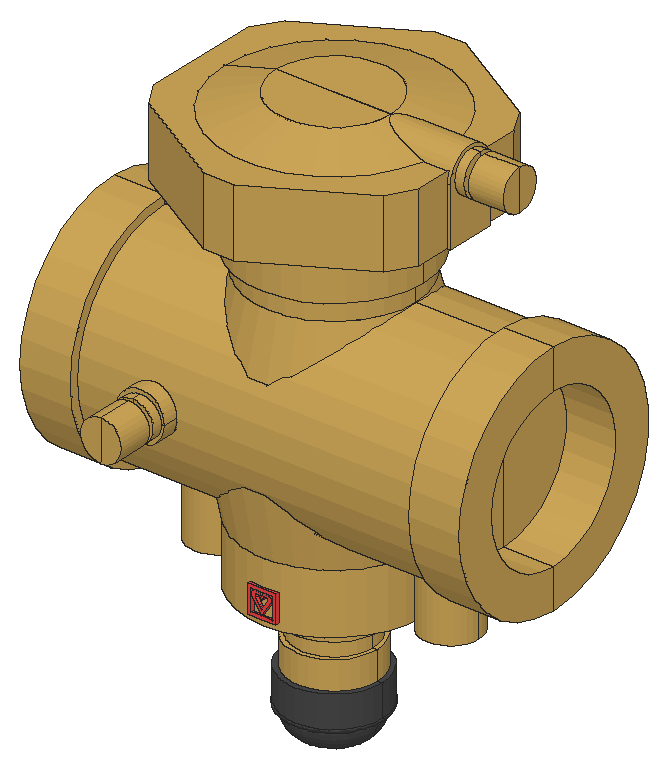
Revit family "Kombiventil 4206_R", category Rohrzubehör, Revit 2018
Family settings
  Bemaßung runder Anschluss = Durchmesser verwenden
  Teiletyp = Unterbricht
  OmniClass-Nummer = 23.65.55.14
  OmniClass-Titel = Valves for Liquid Services
  Arbeitsebenenbasiert = Nein
  Immer vertikal = Ja
  Beim Laden mit Abzugskörper schneiden = Nein
  Gemeinsam genutzt = Nein
Parameters
  min.Betriebstemperatur (Frostschutz) = -20 °C  # constant formula
  max.Betriebstemperatur bis DN32 = 130 °C  # constant formula
  max.Betriebstemperatur ab DN40 = 110 °C  # constant formula
  max.Betriebsdruck = 2500000.0 Pa  # constant formula
  URL = "www.herz-armaturen.at"
  Stift = "Edelstahl 14301"  # constant formula
  SCRNSEQ = "ARM;ARM_TYP=\"DURR\";2"
  SCRNCODE = "05;04;02"  # constant formula
  S03 [instance] = H08 + (S02 / 2)  # 72.750 mm
  S02 [instance] = H09 + 4.700 mm  # 26.500 mm
  S01 [instance] = G01 * 2  # 75.200 mm
  R12 = 3.900 mm  # constant formula
  R11 = 6.500 mm  # constant formula
  R10 = 35.000 mm  # constant formula
  R09 = 18.250 mm  # constant formula
  R08 = 11.300 mm  # constant formula
  R07 [instance] = size_lookup("4206R_", "R7", 17.300 mm, Nennweite)  # 28.500 mm
  R06 [instance] = size_lookup("4206R_", "R6", 19.000 mm, Nennweite)  # 28.000 mm
  R05 = 15.000 mm  # constant formula
  R04 = 12.500 mm  # constant formula
  R02 [instance] = size_lookup("4206R_", "R2", 15.000 mm, Nennweite)  # 26.000 mm
  R01 [instance] = size_lookup("4206R_", "R1", 11.500 mm, Nennweite)  # 35.000 mm
  PN = 25  # constant formula
  O-Ringe = "EPDM"  # constant formula
  Nennweite [instance] = 50.000 mm
  min.Betriebstemperatur (reines Wasser) = 2 °C  # constant formula
  Membrangehäuse = "Messing CW602N"  # constant formula
  Membrane = "EPDM"  # constant formula
  Medium = "Heizungswasserqualität nach ÖNORM H 5195 oder VDI-Richtline 2035.\r\nDie Verwendung von Ethylen- oder\n Propylenglykol in einem Mischungsverhältnis 25 - 50% ist zulässig."
  L06 [instance] = L00 / 2  # 70.000 mm
  L05 = 11.000 mm  # constant formula
  L04 = 1.500 mm  # constant formula
  L03 = 3.200 mm  # constant formula
  L02 = 43.500 mm  # constant formula
  L01 [instance] = size_lookup("4206R_", "L1", 8.000 mm, Nennweite)  # 16.000 mm
  L00 [instance] = size_lookup("4206R_", "L", 66.000 mm, Nennweite)  # 140.000 mm
  Impulsleitung = "Kupfer Cu-DHP (CW024A)"  # constant formula
  Hub = 4.000 mm  # constant formula
  Hersteller = "Herz-Armaturen GmbH"  # constant formula
  H13 [instance] = H02 - H05 - H03 - H04 - 2.000 mm  # 52.200 mm
  H12 = 19.250 mm  # constant formula
  H11 [instance] = size_lookup("4206R_", "H11", 59.000 mm, Nennweite)  # 86.000 mm
  H10 [instance] = H08 + H09  # 81.300 mm
  H09 = 21.800 mm  # constant formula
  H08 [instance] = H01 + H06 + H07  # 59.500 mm
  H07 = 4.000 mm  # constant formula
  H06 [instance] = size_lookup("4206R_", "H6", 10.000 mm, Nennweite)  # 14.000 mm
  H05 = 9.000 mm  # constant formula
  H04 [instance] = size_lookup("4206R_", "H4", 9.600 mm, Nennweite)  # 8.500 mm
  H03 [instance] = size_lookup("4206R_", "H3", 13.000 mm, Nennweite)  # 5.700 mm
  H02 [instance] = size_lookup("4206R_", "H2", 55.300 mm, Nennweite)  # 77.400 mm
  H01 [instance] = size_lookup("4206R_", "H1", 18.500 mm, Nennweite)  # 41.500 mm
  Gehäuse = "DZR Messing CC770S"  # constant formula
  G03 [instance] = Nennweite / 2  # 25.000 mm
  G02 [instance] = size_lookup("4206R_", "G2", 13.900 mm, Nennweite)  # 13.900 mm
  G01 [instance] = size_lookup("4206R_", "G1", 13.200 mm, Nennweite)  # 37.600 mm
  Druckfeder = "Federstahl"  # constant formula
  DN50 [instance] = Nennweite = 50.000 mm  # yes
  DN40 [instance] = Nennweite = 40.000 mm  # no
  DN32 [instance] = Nennweite = 32.000 mm  # no
  DN25 [instance] = Nennweite = 25.000 mm  # no
  DN20 [instance] = Nennweite = 20.000 mm  # no
  DN15 [instance] = Nennweite = 15.000 mm  # no
  Bestellnummer [instance] = size_lookup("4206R_", "Artnr", 0, Nennweite)  # 1420646
  Bauschutzkappe = "Kunststoff"  # constant formula
  Anwendungsgebiet = "Das Kombiventil wird in allen pumpenbetriebenen Heiz- und Kühlanlagen eingesetzt. Der Regler begrenzt automatisch\r\nden Volumenstrom im gewählten Anlagenteil auf den einmal eingestellten Wert, indem alle Druckschwankungen\r\ngemessen und ausgeregelt werden. Somit sind keine Messungen erforderlich und die Regelung ist bei allen\r\nBetriebsbedingungen effektiv. Das Kombiventil regelt den Volumenstrom der ventileigenen Voreinstellung auf einen\r\nkonstanten Wert; die Membran regelt aufgrund des Druckes unmittelbar nach dem Regeleinsatz, sowie des Druckes\r\ndavor."
Reference planes
  plane 1 "Mitte (Vorne/hinten)": y = 0
  plane 2: z = 0
  plane 3 "Mitte (Links/rechts)": x = 0
Forms (mm)
  Revolve 1, solid, material "Messing, weicher Gelbton, geschweißt", detail levels fine
    sketch origin (0, 0, 0) x (1, 0, 0) y (0, 0, 1)
      loop
        line (-54, 0) -> (54, 0) -> (54, 25) -> (70, 25) -> (70, 37.6) -> (54, 37.6) -> (54, 35) -> (-54, 35) -> (-54, 37.6) -> (-70, 37.6) -> (-70, 25) -> (-54, 25) -> (-54, 0)
      axis (-70, 0) -> (70, 0)
    angle from 0 to 360
  Revolve 2, solid, material "Messing, weicher Gelbton, geschweißt", detail levels fine
    sketch origin (0, 0, 0) x (1, 0, 0) y (0, 0, 1)
      loop
        line (0, -77.4) -> (0, 41.5) -> (-26, 41.5) -> (-26, 35) -> (-35, 0) -> (-28, -35) -> (-28, -54.2) -> (-15, -54.2) -> (-15, -62.7) -> (-12.5, -62.7) -> (-12.5, -68.4) -> (-13.9, -68.4) -> (-13.9, -77.4) -> (0, -77.4)
      axis (0, 41.5) -> (0, -77.4)
    angle from 0 to 360
  Revolve 3, solid, material "Messing, weicher Gelbton, geschweißt", detail levels fine
    sketch origin (0, 0, 0) x (1, 0, 0) y (0, 0, 1)
      loop
        line (0, 41.5) -> (0, 59.5) -> (-11.3, 59.5) -> (-11.3, 55.5) -> (-28.5, 55.5) -> (-28.5, 41.5) -> (0, 41.5)
      axis (0, 59.5) -> (0, 41.5)
    angle from 0 to 360
  Extrusion 4, solid, material "Messing, weicher Gelbton, geschweißt", detail levels fine
    sketch origin (0, 0, 0) x (0, -1, 0) y (1, 0, 0)
      loop
        line (-46, -4.75) -> (-27.114, -37.462) -> (-18.886, -42.212) -> (18.886, -42.212) -> (27.114, -37.462) -> (46, -4.75) -> (46, 4.75) -> (27.114, 37.462) -> (18.886, 42.212) -> (-18.886, 42.212) -> (-27.114, 37.462) -> (-46, 4.75) -> (-46, -4.75)
    from 59.5 to 81.3
  Revolve 5, solid, material "Messing, weicher Gelbton, geschweißt", detail levels fine
    sketch origin (0, 0, 0) x (1, 0, 0) y (0, 0, 1)
      loop
        line (0, 81.3) -> (0, 86) -> (-18.25, 86) -> (-35, 81.3) -> (0, 81.3)
      axis (0, 86) -> (0, 81.3)
    angle from 0 to 360
  Extrusion 6, solid, material "Messing, weicher Gelbton, geschweißt", detail levels fine
    sketch origin (0, 0, 0) x (0, 1, 0) y (0, 0, 1)
      loop
        arc (7.85, 78.15) -> (0, 86) -> (-7.85, 78.15) r 7.85
        line (-7.85, 78.15) -> (-7.85, 59.5) -> (7.85, 59.5) -> (7.85, 78.15)
    from 0 to 43.5
  Revolve 7, solid, material "Messing, weicher Gelbton, geschweißt", detail levels fine
    sketch origin (0, 0, 0) x (1, 0, 0) y (0, 0, 1)
      loop
        line (43.5, 78.75) -> (59.2, 78.75) -> (59.2, 85.25) -> (48.2, 85.25) -> (48.2, 82.65) -> (46.7, 82.65) -> (46.7, 85.25) -> (43.5, 85.25) -> (43.5, 78.75)
      axis (43.5, 78.75) -> (59.2, 78.75)
    angle from 0 to 360
  Revolve 8, solid, material "Messing, weicher Gelbton, geschweißt", visible <- "DN15", detail levels fine
    sketch origin (0, 0, 0) x (1, 0, 0) y (0, 1, 0)
      loop
        line (-12.5, 24) -> (-20.2, 24) -> (-20.2, 0) -> (-21.5, 0) -> (-21.5, -27) -> (-12.5, -27) -> (-12.5, 24)
      axis (-12.5, 24) -> (-12.5, -27)
    angle from 0 to 360
  Revolve 9, solid, material "Messing, weicher Gelbton, geschweißt", visible <- "DN15", detail levels fine
    sketch origin (-12.5, 0, 0) x (0, 1, 0) y (0, 0, 1)
      loop
        line (24, 0) -> (39.7, 0) -> (39.7, 6.5) -> (28.7, 6.5) -> (28.7, 3.9) -> (27.2, 3.9) -> (27.2, 6.5) -> (24, 6.5) -> (24, 0)
      axis (24, 0) -> (39.7, 0)
    angle from 0 to 360
  Revolve 10, solid, material "Messing, weicher Gelbton, geschweißt", visible <- "DN15", detail levels fine
    sketch origin (0, 0, 0) x (1, 0, 0) y (0, 1, 0)
      loop
        line (12.5, 0) -> (12.5, -27) -> (21.6, -27) -> (21.6, 0) -> (12.5, 0)
      axis (12.5, 0) -> (12.5, -27)
    angle from 0 to 360
  Revolve 11, solid, material "Messing, weicher Gelbton, geschweißt", visible <- "DN20", detail levels fine
    sketch origin (-2, 0, 0) x (1, 0, 0) y (0, 1, 0)
      loop
        line (-12.5, 27) -> (-20.2, 27) -> (-20.2, 0) -> (-21.5, 0) -> (-21.5, -29) -> (-12.5, -29) -> (-12.5, 27)
      axis (-12.5, 27) -> (-12.5, -29)
    angle from 0 to 360
  Revolve 12, solid, material "Messing, weicher Gelbton, geschweißt", visible <- "DN20", detail levels fine
    sketch origin (2, 0, 0) x (1, 0, 0) y (0, 1, 0)
      loop
        line (12.5, 0) -> (12.5, -29) -> (21.6, -29) -> (21.6, 0) -> (12.5, 0)
      axis (12.5, 0) -> (12.5, -29)
    angle from 0 to 360
  Revolve 13, solid, material "Messing, weicher Gelbton, geschweißt", visible <- "DN20", detail levels fine
    sketch origin (-14.5, 3, 0) x (0, 1, 0) y (0, 0, 1)
      loop
        line (24, 0) -> (39.7, 0) -> (39.7, 6.5) -> (28.7, 6.5) -> (28.7, 3.9) -> (27.2, 3.9) -> (27.2, 6.5) -> (24, 6.5) -> (24, 0)
      axis (24, 0) -> (39.7, 0)
    angle from 0 to 360
  Revolve 14, solid, material "Messing, weicher Gelbton, geschweißt", visible <- "DN25", detail levels fine
    sketch origin (-2.1, 0, 0) x (1, 0, 0) y (0, 1, 0)
      loop
        line (-12.5, 27) -> (-20.2, 27) -> (-20.2, 0) -> (-21.5, 0) -> (-21.5, -29) -> (-12.5, -29) -> (-12.5, 27)
      axis (-12.5, 27) -> (-12.5, -29)
    angle from 0 to 360
  Revolve 15, solid, material "Messing, weicher Gelbton, geschweißt", visible <- "DN25", detail levels fine
    sketch origin (-14.6, 3, 0) x (0, 1, 0) y (0, 0, 1)
      loop
        line (24, 0) -> (39.7, 0) -> (39.7, 6.5) -> (28.7, 6.5) -> (28.7, 3.9) -> (27.2, 3.9) -> (27.2, 6.5) -> (24, 6.5) -> (24, 0)
      axis (24, 0) -> (39.7, 0)
    angle from 0 to 360
  Revolve 16, solid, material "Messing, weicher Gelbton, geschweißt", visible <- "DN25", detail levels fine
    sketch origin (2.1, 0, 0) x (1, 0, 0) y (0, 1, 0)
      loop
        line (12.5, 0) -> (12.5, -29) -> (21.6, -29) -> (21.6, 0) -> (12.5, 0)
      axis (12.5, 0) -> (12.5, -29)
    angle from 0 to 360
  Revolve 17, solid, material "Messing, weicher Gelbton, geschweißt", visible <- "DN32", detail levels fine
    sketch origin (0, 0, 0.637) x (1, 0, 0) y (0, 0, 1)
      loop
        line (-31.5, -0.637) -> (-40.5, -0.637) -> (-40.5, -43.437) -> (-31.5, -43.437) -> (-31.5, -0.637)
      axis (-31.5, -43.437) -> (-31.5, -0.637)
    angle from 0 to 360
  Revolve 18, solid, material "Messing, weicher Gelbton, geschweißt", visible <- "DN32", detail levels fine
    sketch origin (0, 0, 0.637) x (-1, 0, 0) y (0, 0, 1)
      loop
        line (-31.5, -0.637) -> (-40.5, -0.637) -> (-40.5, -43.437) -> (-31.5, -43.437) -> (-31.5, -0.637)
      axis (-31.5, -43.437) -> (-31.5, -0.637)
    angle from 0 to 360
  Revolve 19, solid, material "Messing, weicher Gelbton, geschweißt", visible <- "DN40", detail levels fine
    sketch origin (0, 0, 0) x (1, 0, 0) y (0, 0, 1)
      loop
        line (-37, 0) -> (-46, 0) -> (-46, -54.2) -> (-37, -54.2) -> (-37, 0)
      axis (-37, 0) -> (-37, -54.2)
    angle from 0 to 360
  Revolve 20, solid, material "Messing, weicher Gelbton, geschweißt", visible <- "DN40", detail levels fine
    sketch origin (0, 0, 0) x (-1, 0, 0) y (0, 0, 1)
      loop
        line (-37, 0) -> (-46, 0) -> (-46, -54.2) -> (-37, -54.2) -> (-37, 0)
      axis (-37, 0) -> (-37, -54.2)
    angle from 0 to 360
  Revolve 21, solid, material "Messing, weicher Gelbton, geschweißt", visible <- "DN50", detail levels fine
    sketch origin (-0.1, 0, 0) x (1, 0, 0) y (0, 0, 1)
      loop
        line (-37, 0) -> (-46, 0) -> (-46, -54.2) -> (-37, -54.2) -> (-37, 0)
      axis (-37, 0) -> (-37, -54.2)
    angle from 0 to 360
  Revolve 22, solid, material "Messing, weicher Gelbton, geschweißt", visible <- "DN50", detail levels fine
    sketch origin (0.1, 0, 0) x (-1, 0, 0) y (0, 0, 1)
      loop
        line (-37, 0) -> (-46, 0) -> (-46, -54.2) -> (-37, -54.2) -> (-37, 0)
      axis (-37, 0) -> (-37, -54.2)
    angle from 0 to 360
  Revolve 23, solid, material "Messing, weicher Gelbton, geschweißt", visible <- "DN32", detail levels fine
    sketch origin (-9.5, 0, 0) x (1, 0, 0) y (0, 1, 0)
      loop
        line (-12.5, -31) -> (-12.5, 0) -> (-20.2, 0) -> (-20.2, -31) -> (-12.5, -31)
      axis (-12.5, 0) -> (-12.5, -31)
    angle from 0 to 360
  Revolve 24, solid, material "Messing, weicher Gelbton, geschweißt", visible <- "DN32", detail levels fine
    sketch origin (-22, -7, 0) x (0, -1, 0) y (0, 0, -1)
      loop
        line (24, 0) -> (24, -6.5) -> (27.2, -6.5) -> (27.2, -3.9) -> (28.7, -3.9) -> (28.7, -6.5) -> (39.7, -6.5) -> (39.7, 0) -> (24, 0)
      axis (24, 0) -> (39.7, 0)
    angle from 0 to 360
  Revolve 25, solid, material "Messing, weicher Gelbton, geschweißt", visible <- "DN40", detail levels fine
    sketch origin (-17.5, 0, 0) x (1, 0, 0) y (0, 1, 0)
      loop
        line (-12.5, -39.5) -> (-12.5, 0) -> (-20.2, 0) -> (-20.2, -39.5) -> (-12.5, -39.5)
      axis (-12.5, 0) -> (-12.5, -39.5)
    angle from 0 to 360
  Revolve 26, solid, material "Messing, weicher Gelbton, geschweißt", visible <- "DN40", detail levels fine
    sketch origin (-30, -15.5, 0) x (0, -1, 0) y (0, 0, -1)
      loop
        line (24, 0) -> (24, -6.5) -> (27.2, -6.5) -> (27.2, -3.9) -> (28.7, -3.9) -> (28.7, -6.5) -> (39.7, -6.5) -> (39.7, 0) -> (24, 0)
      axis (24, 0) -> (39.7, 0)
    angle from 0 to 360
  Revolve 27, solid, material "Messing, weicher Gelbton, geschweißt", visible <- "DN50", detail levels fine
    sketch origin (-17.6, 0, 0) x (1, 0, 0) y (0, 1, 0)
      loop
        line (-12.5, -39.5) -> (-12.5, 0) -> (-20.2, 0) -> (-20.2, -39.5) -> (-12.5, -39.5)
      axis (-12.5, 0) -> (-12.5, -39.5)
    angle from 0 to 360
  Revolve 28, solid, material "Messing, weicher Gelbton, geschweißt", visible <- "DN50", detail levels fine
    sketch origin (-30.1, -15.5, 0) x (0, -1, 0) y (0, 0, -1)
      loop
        line (24, 0) -> (24, -6.5) -> (27.2, -6.5) -> (27.2, -3.9) -> (28.7, -3.9) -> (28.7, -6.5) -> (39.7, -6.5) -> (39.7, 0) -> (24, 0)
      axis (24, 0) -> (39.7, 0)
    angle from 0 to 360
Lines and regions (mm)
  model lines, detail levels coarse+medium
    curve 1: line (-70, 0, 37.6) -> (-70, 0, -37.6)
    curve 2: line (-70, 0, -37.6) -> (70, 0, 37.6)
    curve 3: line (70, 0, 37.6) -> (70, 0, -37.6)
    curve 4: line (70, 0, -37.6) -> (-70, 0, 37.6)
    curve 5: line (0, 0, 41.5) -> (0, 0, 59.5)
    curve 6: spline (-43.5, 0, 72.75) -> (-42.018, 0, 76.179) -> (-37.672, 0, 79.375) -> (-30.759, 0, 82.119) -> (-21.75, 0, 84.225) -> (-11.259, 0, 85.549) -> (0, 0, 86) -> (11.259, 0, 85.549) -> (21.75, 0, 84.225) -> (30.759, 0, 82.119) -> (37.672, 0, 79.375) -> (42.018, 0, 76.179) -> (43.5, 0, 72.75) -> (42.018, 0, 69.321) -> (37.672, 0, 66.125) -> (30.759, 0, 63.381) -> (21.75, 0, 61.275) -> (11.259, 0, 59.951) -> (0, 0, 59.5) -> (-11.259, 0, 59.951) -> (-21.75, 0, 61.275) -> (-30.759, 0, 63.381) -> (-37.672, 0, 66.125) -> (-42.018, 0, 69.321) -> (-43.5, 0, 72.75)
    curve 7: line (-70, 37.6, 0) -> (-70, -37.6, 0)
    curve 8: line (-70, -37.6, 0) -> (70, 37.6, 0)
    curve 9: line (70, 37.6, 0) -> (70, -37.6, 0)
    curve 10: line (70, -37.6, 0) -> (-70, 37.6, 0)
    curve 11: line (0, -41.5, 0) -> (0, -59.5, 0)
    curve 12: spline (-43.5, -72.75, 0) -> (-42.018, -69.321, 0) -> (-37.672, -66.125, 0) -> (-30.759, -63.381, 0) -> (-21.75, -61.275, 0) -> (-11.259, -59.951, 0) -> (0, -59.5, 0) -> (11.259, -59.951, 0) -> (21.75, -61.275, 0) -> (30.759, -63.381, 0) -> (37.672, -66.125, 0) -> (42.018, -69.321, 0) -> (43.5, -72.75, 0) -> (42.018, -76.179, 0) -> (37.672, -79.375, 0) -> (30.759, -82.119, 0) -> (21.75, -84.225, 0) -> (11.259, -85.549, 0) -> (0, -86, 0) -> (-11.259, -85.549, 0) -> (-21.75, -84.225, 0) -> (-30.759, -82.119, 0) -> (-37.672, -79.375, 0) -> (-42.018, -76.179, 0) -> (-43.5, -72.75, 0)
    curve 13: line (0, 0, 41.5) -> (-35, 0, 18.8)
    curve 14: line (0, 0, 41.5) -> (35, 0, 18.8)
    curve 15: line (0, -41.5, 0) -> (-35, -18.8, 0)
    curve 16: line (0, -41.5, 0) -> (35, -18.8, 0)
Dimensions and locks
  equal spacing: Revolve 1 sketch curve, plane 3 "Mitte (Links/rechts)", Revolve 1 sketch curve
  "L00": Revolve 1 sketch curve to Revolve 1 sketch curve
  "G01": Revolve 1 sketch curve to Revolve 1 sketch curve  (x2)
  "R01": Revolve 1 sketch curve to Revolve 1 sketch curve
  "L01": Revolve 1 sketch curve to Revolve 1 sketch curve  (x4)
  "H01": Revolve 2 sketch curve to plane 2
  "R01": Revolve 2 sketch curve to plane 2
  "R02": Revolve 2 sketch curve to Revolve 2 sketch curve
  "R01": Revolve 2 sketch curve to Revolve 2 sketch curve
  "H02": plane 2 to Revolve 2 sketch curve
  "G02": plane 3 "Mitte (Links/rechts)" to Revolve 2 sketch curve
  "H05": Revolve 2 sketch curve to Revolve 2 sketch curve
  "R04": Revolve 2 sketch curve to Revolve 2 sketch curve
  "R05": Revolve 2 sketch curve to Revolve 2 sketch curve
  "R06": Revolve 2 sketch curve to Revolve 2 sketch curve
  "R01": plane 2 to Revolve 2 sketch curve
  "H03": Revolve 2 sketch curve to Revolve 2 sketch curve
  "H04": Revolve 2 sketch curve to Revolve 2 sketch curve
  "H01": Revolve 3 sketch curve to plane 2
  "H06": Revolve 3 sketch curve to Revolve 3 sketch curve
  "R07": Revolve 3 sketch curve to Revolve 3 sketch curve
  "H07": Revolve 3 sketch curve to Revolve 3 sketch curve
  "R08": Revolve 3 sketch curve to Revolve 3 sketch curve
  "H08": Extrusion 4 to plane 2
  "H09": Extrusion 4 to Extrusion 4
  "H10": Revolve 5 sketch curve to plane 2
  "H11": Revolve 5 sketch curve to plane 2
  "R09": Revolve 5 sketch curve to Revolve 5 sketch curve
  "R10": Revolve 5 sketch curve to Revolve 5 sketch curve
  "L02": Extrusion 6 to plane 3 "Mitte (Links/rechts)"
  "H08": Extrusion 6 to plane 2
  "H12": Revolve 7 sketch curve to Extrusion 4
  "R11": Revolve 7 sketch curve to Revolve 7 sketch curve  (x2)
  "L03": Revolve 7 sketch curve to Revolve 7 sketch curve
  "L04": Revolve 7 sketch curve to Revolve 7 sketch curve
  "L05": Revolve 7 sketch curve to Revolve 7 sketch curve
  "R12": Revolve 7 sketch curve to Revolve 7 sketch curve
  "R11": Revolve 9 sketch curve to Revolve 9 sketch curve  (x2)
  "L03": Revolve 9 sketch curve to Revolve 9 sketch curve
  "L04": Revolve 9 sketch curve to Revolve 9 sketch curve
  "L05": Revolve 9 sketch curve to Revolve 9 sketch curve
  "R12": Revolve 9 sketch curve to Revolve 9 sketch curve
  "R06": plane 1 "Mitte (Vorne/hinten)" to nested 1
  Revolve 11 sketch curve to plane 1 "Mitte (Vorne/hinten)" = 29.000 mm
  plane 1 "Mitte (Vorne/hinten)" to Revolve 11 sketch curve = 27.000 mm
  Revolve 12 sketch curve to plane 1 "Mitte (Vorne/hinten)" = 29.000 mm
  "R11": Revolve 13 sketch curve to Revolve 13 sketch curve  (x2)
  "L03": Revolve 13 sketch curve to Revolve 13 sketch curve
  "L04": Revolve 13 sketch curve to Revolve 13 sketch curve
  "L05": Revolve 13 sketch curve to Revolve 13 sketch curve
  "R12": Revolve 13 sketch curve to Revolve 13 sketch curve
  "H13": plane 2 to nested 1
  "R11": Revolve 15 sketch curve to Revolve 15 sketch curve  (x2)
  "L03": Revolve 15 sketch curve to Revolve 15 sketch curve
  "L04": Revolve 15 sketch curve to Revolve 15 sketch curve
  "L05": Revolve 15 sketch curve to Revolve 15 sketch curve
  "R12": Revolve 15 sketch curve to Revolve 15 sketch curve
  plane 3 "Mitte (Links/rechts)" to Revolve 17 sketch curve = 31.500 mm
  Revolve 17 sketch curve to Revolve 17 sketch curve = 9.000 mm
  plane 2 to Revolve 17 sketch curve = 42.800 mm
  Revolve 18 sketch curve to Revolve 18 sketch curve = 9.000 mm
  "H02": plane 2 to nested 2
  "G03": Revolve 1 sketch curve to plane 2  (x2)
  "S01": curve 4 to curve 2
  equal spacing: curve 4, plane 2, curve 2
  equal spacing: curve 3, plane 2, curve 4
  "S01": curve 3 to curve 4
  equal spacing: curve 1, plane 3 "Mitte (Links/rechts)", curve 3
  "L00": curve 1 to curve 3
  "H08": curve 5 to plane 2
  "S02": curve 6 to curve 6
  "L02": curve 6 to plane 3 "Mitte (Links/rechts)" to curve 6
  "S03": curve 6 to plane 2
  equal spacing: curve 7, plane 3 "Mitte (Links/rechts)", curve 9
  "L00": curve 7 to curve 9
  equal spacing: curve 8, plane 1 "Mitte (Vorne/hinten)", curve 10
  "S01": curve 10 to curve 8
  equal spacing: curve 10, plane 1 "Mitte (Vorne/hinten)", curve 9
  "S01": curve 9 to curve 10
  "H08": curve 11 to plane 1 "Mitte (Vorne/hinten)"
  "S02": curve 12 to curve 12
  "L02": curve 12 to plane 3 "Mitte (Links/rechts)" to curve 12
  "S03": curve 12 to plane 1 "Mitte (Vorne/hinten)"
  equal spacing: plane 3 "Mitte (Links/rechts)", curve 13, curve 4
  equal spacing: curve 3, curve 14, plane 3 "Mitte (Links/rechts)"
  "H01": curve 14 to plane 2
  equal spacing: plane 3 "Mitte (Links/rechts)", curve 15, curve 8
  equal spacing: curve 10, curve 16, plane 3 "Mitte (Links/rechts)"
  "H01": curve 16 to plane 1 "Mitte (Vorne/hinten)"
  "R11": Revolve 24 sketch curve to Revolve 24 sketch curve  (x2)
  "L03": Revolve 24 sketch curve to Revolve 24 sketch curve
  "L04": Revolve 24 sketch curve to Revolve 24 sketch curve
  "L05": Revolve 24 sketch curve to Revolve 24 sketch curve
  "R12": Revolve 24 sketch curve to Revolve 24 sketch curve
  Revolve 23 sketch curve to Revolve 23 sketch curve = 31.000 mm
  "R11": Revolve 26 sketch curve to Revolve 26 sketch curve  (x2)
  "L03": Revolve 26 sketch curve to Revolve 26 sketch curve
  "L04": Revolve 26 sketch curve to Revolve 26 sketch curve
  "L05": Revolve 26 sketch curve to Revolve 26 sketch curve
  "R12": Revolve 26 sketch curve to Revolve 26 sketch curve
  Revolve 25 sketch curve to Revolve 25 sketch curve = 39.500 mm
  "R11": Revolve 28 sketch curve to Revolve 28 sketch curve  (x2)
  "L03": Revolve 28 sketch curve to Revolve 28 sketch curve
  "L04": Revolve 28 sketch curve to Revolve 28 sketch curve
  "L05": Revolve 28 sketch curve to Revolve 28 sketch curve
  "R12": Revolve 28 sketch curve to Revolve 28 sketch curve
  Revolve 27 sketch curve to Revolve 27 sketch curve = 39.500 mm
  aligned and locked: level to plane 2
Automatic sketch dimensions
  plane 3 "Mitte (Links/rechts)" to Extrusion 4 sketch curve = 4.750 mm  (x2)
  Extrusion 4 sketch curve to plane 1 "Mitte (Vorne/hinten)" = 46.000 mm
  Extrusion 4 sketch curve to plane 1 "Mitte (Vorne/hinten)" = 27.114 mm  (x2)
  Extrusion 4 sketch curve to Extrusion 4 sketch curve = 8.227 mm  (x4)
  plane 1 "Mitte (Vorne/hinten)" to Extrusion 4 sketch curve = 18.886 mm  (x2)
  Extrusion 4 sketch curve to Extrusion 4 sketch curve = 18.886 mm
  Extrusion 4 sketch curve to plane 3 "Mitte (Links/rechts)" = 4.750 mm  (x2)
  Extrusion 4 sketch curve to plane 3 "Mitte (Links/rechts)" = 37.462 mm  (x2)
  Extrusion 4 sketch curve to Extrusion 4 sketch curve = 4.750 mm  (x2)
  plane 3 "Mitte (Links/rechts)" to Extrusion 4 sketch curve = 37.462 mm  (x2)
  Extrusion 6 sketch curve to plane 1 "Mitte (Vorne/hinten)" = 0.000 mm
  plane 1 "Mitte (Vorne/hinten)" to Extrusion 6 sketch curve = 7.850 mm
  level to Extrusion 6 sketch curve = 59.500 mm
  Extrusion 6 sketch curve to Extrusion 6 sketch curve = 18.650 mm
  Extrusion 6 sketch curve to Extrusion 6 sketch curve = 0.000 mm
  plane 1 "Mitte (Vorne/hinten)" to Revolve 8 sketch curve = 0.000 mm
  Revolve 8 sketch curve to plane 3 "Mitte (Links/rechts)" = 21.500 mm
  Revolve 8 sketch curve to plane 3 "Mitte (Links/rechts)" = 20.200 mm
  Revolve 8 sketch curve to Revolve 8 sketch curve = 7.700 mm
  plane 1 "Mitte (Vorne/hinten)" to Revolve 8 sketch curve = 27.000 mm
  Revolve 8 sketch curve to plane 1 "Mitte (Vorne/hinten)" = 24.000 mm
  Revolve 8 sketch curve to Revolve 8 sketch curve = 0.000 mm  (x3)
  plane 1 "Mitte (Vorne/hinten)" to Revolve 10 sketch curve = 0.000 mm  (x2)
  plane 3 "Mitte (Links/rechts)" to Revolve 10 sketch curve = 12.500 mm
  Revolve 10 sketch curve to Revolve 10 sketch curve = 9.100 mm
  plane 1 "Mitte (Vorne/hinten)" to Revolve 10 sketch curve = 27.000 mm
  Revolve 10 sketch curve to Revolve 10 sketch curve = 0.000 mm  (x2)
  plane 1 "Mitte (Vorne/hinten)" to Revolve 11 sketch curve = 0.000 mm
  Revolve 11 sketch curve to plane 3 "Mitte (Links/rechts)" = 23.500 mm
  Revolve 11 sketch curve to plane 3 "Mitte (Links/rechts)" = 22.200 mm
  Revolve 11 sketch curve to Revolve 11 sketch curve = 7.700 mm
  Revolve 11 sketch curve to Revolve 11 sketch curve = 0.000 mm
  Revolve 11 sketch curve to Revolve 11 sketch curve = 2.000 mm
  Revolve 11 sketch curve to Revolve 11 sketch curve = 3.000 mm
  plane 1 "Mitte (Vorne/hinten)" to Revolve 12 sketch curve = 0.000 mm  (x2)
  plane 3 "Mitte (Links/rechts)" to Revolve 12 sketch curve = 14.500 mm
  Revolve 12 sketch curve to Revolve 12 sketch curve = 9.100 mm
  Revolve 12 sketch curve to Revolve 12 sketch curve = 0.000 mm
  Revolve 12 sketch curve to Revolve 12 sketch curve = 2.000 mm
  plane 1 "Mitte (Vorne/hinten)" to Revolve 14 sketch curve = 0.000 mm
  Revolve 14 sketch curve to plane 3 "Mitte (Links/rechts)" = 23.600 mm
  Revolve 14 sketch curve to plane 3 "Mitte (Links/rechts)" = 22.300 mm
  Revolve 14 sketch curve to Revolve 14 sketch curve = 7.700 mm
  plane 1 "Mitte (Vorne/hinten)" to Revolve 14 sketch curve = 29.000 mm
  Revolve 14 sketch curve to Revolve 14 sketch curve = 27.000 mm
  Revolve 14 sketch curve to Revolve 14 sketch curve = 0.000 mm
  Revolve 14 sketch curve to Revolve 14 sketch curve = 2.000 mm
  Revolve 14 sketch curve to Revolve 14 sketch curve = 3.000 mm
  plane 1 "Mitte (Vorne/hinten)" to Revolve 16 sketch curve = 0.000 mm  (x2)
  plane 3 "Mitte (Links/rechts)" to Revolve 16 sketch curve = 14.600 mm
  Revolve 16 sketch curve to Revolve 16 sketch curve = 9.100 mm
  Revolve 16 sketch curve to Revolve 16 sketch curve = 29.000 mm
  Revolve 16 sketch curve to Revolve 16 sketch curve = 0.000 mm
  Revolve 16 sketch curve to Revolve 16 sketch curve = 2.000 mm
  Revolve 17 sketch curve to level = 0.000 mm
  Revolve 17 sketch curve to Revolve 17 sketch curve = 0.000 mm
  Revolve 17 sketch curve to Revolve 17 sketch curve = 4.238 mm
  level to Revolve 17 sketch curve = 0.637 mm
  Revolve 18 sketch curve to level = 0.000 mm
  Revolve 18 sketch curve to plane 3 "Mitte (Links/rechts)" = 40.500 mm
  level to Revolve 18 sketch curve = 42.800 mm
  Revolve 18 sketch curve to Revolve 18 sketch curve = 0.000 mm
  Revolve 18 sketch curve to Revolve 18 sketch curve = 4.238 mm
  Revolve 18 sketch curve to level = 0.637 mm
  Revolve 19 sketch curve to level = 0.000 mm  (x2)
  Revolve 19 sketch curve to plane 3 "Mitte (Links/rechts)" = 46.000 mm
  Revolve 19 sketch curve to Revolve 19 sketch curve = 9.000 mm
  Revolve 19 sketch curve to level = 54.200 mm
  Revolve 19 sketch curve to Revolve 19 sketch curve = 0.000 mm  (x2)
  Revolve 20 sketch curve to level = 0.000 mm  (x2)
  Revolve 20 sketch curve to plane 3 "Mitte (Links/rechts)" = 46.000 mm
  Revolve 20 sketch curve to Revolve 20 sketch curve = 9.000 mm
  level to Revolve 20 sketch curve = 54.200 mm
  Revolve 20 sketch curve to Revolve 20 sketch curve = 0.000 mm  (x2)
  Revolve 21 sketch curve to level = 0.000 mm  (x2)
  Revolve 21 sketch curve to plane 3 "Mitte (Links/rechts)" = 46.100 mm
  Revolve 21 sketch curve to Revolve 21 sketch curve = 9.000 mm
  Revolve 21 sketch curve to Revolve 21 sketch curve = 54.200 mm
  Revolve 21 sketch curve to Revolve 21 sketch curve = 0.000 mm  (x2)
  Revolve 22 sketch curve to level = 0.000 mm  (x2)
  Revolve 22 sketch curve to plane 3 "Mitte (Links/rechts)" = 46.100 mm
  Revolve 22 sketch curve to Revolve 22 sketch curve = 9.000 mm
  Revolve 22 sketch curve to Revolve 22 sketch curve = 54.200 mm
  Revolve 22 sketch curve to Revolve 22 sketch curve = 0.000 mm  (x2)
  plane 1 "Mitte (Vorne/hinten)" to Revolve 23 sketch curve = 0.000 mm  (x2)
  Revolve 23 sketch curve to plane 3 "Mitte (Links/rechts)" = 29.700 mm
  Revolve 23 sketch curve to Revolve 23 sketch curve = 7.700 mm
  Revolve 23 sketch curve to Revolve 23 sketch curve = 0.000 mm
  Revolve 23 sketch curve to Revolve 23 sketch curve = 7.000 mm
  plane 1 "Mitte (Vorne/hinten)" to Revolve 25 sketch curve = 0.000 mm  (x2)
  Revolve 25 sketch curve to plane 3 "Mitte (Links/rechts)" = 37.700 mm
  Revolve 25 sketch curve to Revolve 25 sketch curve = 7.700 mm
  Revolve 25 sketch curve to Revolve 25 sketch curve = 0.000 mm
  Revolve 25 sketch curve to Revolve 25 sketch curve = 15.500 mm
  plane 1 "Mitte (Vorne/hinten)" to Revolve 27 sketch curve = 0.000 mm  (x2)
  Revolve 27 sketch curve to plane 3 "Mitte (Links/rechts)" = 37.800 mm
  Revolve 27 sketch curve to Revolve 27 sketch curve = 7.700 mm
  Revolve 27 sketch curve to Revolve 27 sketch curve = 0.000 mm
  Revolve 27 sketch curve to Revolve 27 sketch curve = 15.500 mm
  curve 13 to plane 3 "Mitte (Links/rechts)" = 0.000 mm
  curve 15 to plane 3 "Mitte (Links/rechts)" = 0.000 mm
  Revolve 1 sketch curve to level = 0.000 mm  (x2)
  Revolve 1 sketch curve to Revolve 1 sketch curve = 1473.530 mm
  Revolve 1 sketch curve to Revolve 1 sketch curve = 1806.148 mm
  Revolve 2 sketch curve to level = 0.000 mm
  Revolve 2 sketch curve to plane 3 "Mitte (Links/rechts)" = 0.000 mm
  plane 3 "Mitte (Links/rechts)" to Revolve 2 sketch curve = 0.000 mm
  Revolve 2 sketch curve to Revolve 2 sketch curve = 310.745 mm
  Revolve 2 sketch curve to Revolve 2 sketch curve = 2195.815 mm
  Revolve 3 sketch curve to plane 3 "Mitte (Links/rechts)" = 0.000 mm  (x2)
  Revolve 3 sketch curve to level = 366.045 mm
  Revolve 3 sketch curve to Revolve 3 sketch curve = 2178.815 mm
  Revolve 5 sketch curve to plane 3 "Mitte (Links/rechts)" = 0.000 mm  (x2)
  Revolve 5 sketch curve to level = 366.045 mm
  Revolve 5 sketch curve to Revolve 5 sketch curve = 2155.315 mm
  plane 3 "Mitte (Links/rechts)" to Revolve 7 sketch curve = 43.500 mm
  Revolve 7 sketch curve to Revolve 7 sketch curve = 0.000 mm  (x3)
  Revolve 9 sketch curve to level = 0.000 mm  (x2)
  Revolve 9 sketch curve to plane 1 "Mitte (Vorne/hinten)" = 24.000 mm
  Revolve 9 sketch curve to Revolve 9 sketch curve = 0.000 mm  (x2)
  Revolve 13 sketch curve to level = 0.000 mm  (x2)
  Revolve 13 sketch curve to plane 1 "Mitte (Vorne/hinten)" = 27.000 mm
  Revolve 13 sketch curve to Revolve 13 sketch curve = 0.000 mm  (x2)
  Revolve 15 sketch curve to level = 0.000 mm  (x2)
  Revolve 15 sketch curve to plane 1 "Mitte (Vorne/hinten)" = 27.000 mm
  Revolve 15 sketch curve to Revolve 15 sketch curve = 0.000 mm  (x2)
  Revolve 24 sketch curve to level = 0.000 mm  (x2)
  plane 1 "Mitte (Vorne/hinten)" to Revolve 24 sketch curve = 31.000 mm
  Revolve 24 sketch curve to Revolve 24 sketch curve = 0.000 mm  (x2)
  Revolve 26 sketch curve to level = 0.000 mm  (x2)
  plane 1 "Mitte (Vorne/hinten)" to Revolve 26 sketch curve = 39.500 mm
  Revolve 26 sketch curve to Revolve 26 sketch curve = 0.000 mm  (x2)
  Revolve 28 sketch curve to level = 0.000 mm  (x2)
  plane 1 "Mitte (Vorne/hinten)" to Revolve 28 sketch curve = 39.500 mm
  Revolve 28 sketch curve to Revolve 28 sketch curve = 0.000 mm  (x2)
Nested families
  nested 1: "Herz-Logo-vorne" at (-0.018, -28, -47.7) x (0, 1, 0) z (0, 0, 1), type "Herz-Logo-vorne", detail levels fine
  nested 2: "Bauschutzkappe für Kombiventil" at (0, 0, -77.4), type "Bauschutzkappe für Kombiventil", detail levels fine
Connectors
  piping at (-54, 0, 0), diameter 50, driven by "Nennweite"
    settings: on Revolve 1, index 1, connector inside diameter 609.6 mm, connector length 0.000 mm, flow factor 0, pipe flow 0.0 L/s, pressure drop 0.0 Pa, fitting loss kfactor 0, connector angle 0.00°, fixture units 0, engagement length 0.000 mm, angle of deflection 0.00°, flow configuration 0, flow direction 2, fitting loss method 0, system type 29, joint type 0, gender type 0, connector reference index -1, connector utility 0, adjustable connector no, is connector primary yes, connector description ""
  piping at (54, 0, 0), diameter 50, driven by "Nennweite"
    settings: on Revolve 1, index 2, connector inside diameter 609.6 mm, connector length 0.000 mm, flow factor 0, pipe flow 0.0 L/s, pressure drop 0.0 Pa, fitting loss kfactor 0, connector angle 0.00°, fixture units 0, engagement length 0.000 mm, angle of deflection 0.00°, flow configuration 0, flow direction 1, fitting loss method 0, system type 29, joint type 0, gender type 0, connector reference index -1, connector utility 0, adjustable connector no, is connector primary no, connector description ""
Definition of nested family "Herz-Logo-vorne"
  Reference planes
    plane 1 "Mitte (Vorne/hinten)": y = 0
    plane 2: z = 0
    plane 3 "Mitte (Links/rechts)": x = 0
  Forms (mm)
    Extrusion 1, solid
      sketch origin (0.732, -0.018, 0.017) x (0, -1, 0) y (0, 0, 1)
        loop
          line (-0.018, -4.517) -> (4.482, -4.517) -> (4.482, 4.483) -> (-4.518, 4.483) -> (-4.518, -4.517) -> (-0.018, -4.517)
        loop
          line (-0.05, -3.48) -> (3.482, -3.48) -> (3.482, 3.483) -> (-3.518, 3.483) -> (-3.518, -3.48) -> (-0.05, -3.48)
        loop
          arc (-0.018, 2.383) -> (-1.543, 3.287) -> (-3.067, 2.383) r 1.738
          arc (-3.067, 2.383) -> (-3.191, 1.899) -> (-3.067, 1.415) r 1.009
          line (-3.067, 1.415) -> (-0.018, -3.281) -> (3.032, 1.415)
          arc (3.032, 1.415) -> (3.156, 1.899) -> (3.032, 2.383) r 1.009
          arc (3.032, 2.383) -> (1.507, 3.287) -> (-0.018, 2.383) r 1.738
        loop
          arc (1.885, 1.272) -> (2.005, 1.675) -> (1.885, 2.079) r 0.74
          arc (1.885, 2.079) -> (1.265, 2.416) -> (0.644, 2.079) r 0.74
          line (0.644, 2.079) -> (-0.018, 0.97) -> (-0.679, 2.079)
          arc (-0.679, 2.079) -> (-1.3, 2.416) -> (-1.921, 2.079) r 0.74
          arc (-1.921, 2.079) -> (-2.04, 1.675) -> (-1.921, 1.272) r 0.74
          line (-1.921, 1.272) -> (-0.018, -1.658) -> (1.885, 1.272)
      from 0 to 1.5
  Dimensions and locks
    aligned and locked: level to plane 2
Definition of nested family "Bauschutzkappe für Kombiventil"
  Reference planes
    plane 1 "Mitte (Vorne/hinten)": y = 0
    plane 2: z = 0
    plane 3 "Mitte (Links/rechts)": x = 0
  Forms (mm)
    Revolve 1, solid
      sketch origin (0, 0, 0) x (1, 0, 0) y (0, 0, 1)
        loop
          line (0, 0) -> (-15.5, 0) -> (-15.5, -10.067)
          arc (-15.5, -10.067) -> (-15.733, -10.629) -> (-15.25, -11) r 0.5
          line (-15.25, -11) -> (-14.093, -11)
          arc (-14.093, -11) -> (-11.457, -17.364) -> (-5.093, -20) r 9
          line (-5.093, -20) -> (0, -20) -> (0, 0)
        axis (0, 0) -> (0, -20)
      angle from 0 to 360
  Dimensions and locks
    aligned and locked: level to plane 2
